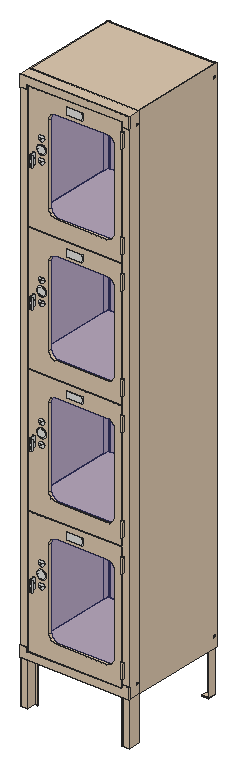
Revit family "Metal_See_Through_Lockers-Salsbury_Industries-S_54000_Series-1_Wide_Units", category Specialty Equipment, Revit 2016
Family settings
  Part Type = Normal
  Round Connector Dimension = Use Diameter
  OmniClass Number = 23.40.00.00
  OmniClass Title = Equipment and Furnishings
  Work Plane-Based = No
  Always vertical = Yes
  Cut with Voids When Loaded = No
  Shared = No
  Room Calculation Point = No
Parameters (values of type "S-54165 - with Standard 6" High Legs")
  Zee Base Corner - Right Side [instance] = Metal Locker Zee Base Corner : None
  Zee Base Corner - Left Side [instance] = Metal Locker Zee Base Corner : None
  Zee Base - Right Side [instance] = Metal Locker Zee Base-Right Side : None
  Zee Base - Left Side [instance] = Metal Locker Zee Base-Left Side : None
  Zee Base = Metal Locker Zee Base : None
  Window Panel Material = Polycarbonate - Salsbury Finish - Clear
  Width = 15.040"
  Version = "2.0 (03/30/18)"
  Unit Height including Sloping Hood Only [instance] = 80.682"
  Unit Height = 72.000"
  URL = "www.lockers.com"
  Type Comments = "15\" Wide See-Through Metal Locker - Four Tier"
  Total Door(s) Height [instance] = 69.81949"
  Sloping Top In-Line Filler - Right Side [instance] = Metal Locker Sloping Top Filler : None
  Sloping Top In-Line Filler - Left Side [instance] = Metal Locker Sloping Top Filler : None
  Sloping Top Corner Filler - Right Side [instance] = Metal Locker Sloping Corner Filler : None
  Sloping Top Corner Filler - Left Side [instance] = Metal Locker Sloping Corner Filler : None
  Sloping Hood Height = if(Depth = 15.010", 8.682", if(Depth = 18.010", 10.739", 0.000"))  # 8.682"
  Sloping Hood [instance] = Metal Locker Sloping Hood : None
  Right Side Base [instance] = Metal Locker Right Side Base : None
  Primary Structure Material [instance] = Paint - Salsbury Finish - Tan
  Overall Width including Rivets [instance] = 15.120"
  Unit Height including Base Only [instance] = 78.000"
  Overall Unit Height (including Base and Sloping Hood) [instance] = 86.682"
  OmniClass 23 Title = "Equipment and Furnishings"
  OmniClass 23 Number = "23.40.00.00"
  Model = "S-54165"
  MasterFormat Title = "Lockers"
  MasterFormat Number = "10 51 13"
  Manufacturer = "Salsbury Industries"
  Left Side Base [instance] = Metal Locker Left Side Base : None
  Individual Door Height = 17.360"
  Hasp Plate Rivet Material = Steel -Salsbury Finish - Polished Steel
  Hasp Handle Material = Plastic - Salsbury Finish - Black
  Front Vertical Filler - Right [instance] = Metal Locker Front Filler : None
  Front Vertical Filler - Left [instance] = Metal Locker Front Filler : None
  Front Base [instance] = Metal Locker Front Base : None
  Flat Top In-Line Filler - Right Side [instance] = Metal Locker Flat Top Filler : None
  Flat Top In-Line Filler - Left Side [instance] = Metal Locker Flat Top Filler : None
  Flat Top Corner Filler - Right Side [instance] = Metal Locker Flat Corner Filler : None
  Flat Top Corner Filler - Left Side [instance] = Metal Locker Flat Corner Filler : None
  Individual Door Width [instance] = 12.90055"
  End Panel - Right Side [instance] = Metal Locker End Panel : None
  End Panel - Left Side [instance] = Metal Locker End Panel : None
  Door Location D1 = See-Through Metal Locker Doors-15 inch with Latch Hasps : Four Tier Door - 6 foot
  Description = "1 Wide - 6 Feet High - 15 Inches Deep"
  Depth = 15.010"
  Compartment Divider Height = Individual Door Height - 0.375"  # 16.985"
  Base Height = 6.000"
  Standard Leg Base = Metal Locker Legs : 6" High - 15"W x 15"D
  Assembly Code = "C1030310"
Reference planes (in)
  plane 1 "Center (Front/Back)": y = 0
  plane 2: z = 0
  plane 3 "Center (Left/Right)": x = 0
  plane 4 "Floor": z = 0
  plane 5 "Bottom of Unit": z = 6
  plane 6 "Top of Unit": z = 78
  plane 7 "Left Side of Unit": x = -7.52
  plane 8 "Right Side of Unit": x = 7.52
  plane 9 "Back of Unit": y = 7.505
  plane 10 "Front of Unit": y = -7.505
  plane 11 "Top of Sloping Hood": z = 86.682
  plane 12 "Left Rivet": x = -7.56
  plane 13 "Right Rivet": x = 7.56
  plane 14 "Right Side of Door Opening": x = 6.52
  plane 15 "Left Side of Door Opening": x = -6.52
  plane 16 "Top of Door Opening": z = 77
  plane 17 "Bottom of Door Opening": z = 7
  plane 18 "Back Edge of Front Facing": y = -5.917
  plane 19 "Front Plate Plane": y = -7.565
  plane 20 "Horizontal Center of Top Rivets": z = 76.5
  plane 21 "Horiz Center of Bottom Rivets": z = 7.5
  plane 22 "Vertical Center of Back Rivets": y = 7.005
  plane 23 "Vertical Center of Front Rivets": y = -6.255
  plane 24 "Right Align Top Filler Overlap": x = 6.935
  plane 25 "Left Align Top Filler Overlap": x = -6.935
  plane 26 "Corner Filler Align-Left": x = -7.58
  plane 27 "Corner Filler Align-Right": x = 7.58
  plane 28 "Left Side of Door": x = -6.45029
  plane 29 "Right Side of Door": x = 6.45026
  plane 30 "Top of Door 1": z = 76.90976
  plane 31 "Bottom of Bottom Door": z = 7.09027
  plane 32 "Zee Base Offset": x = -7.169
  plane 33: x = 7.169
  plane 34 "Compartment Align 3": z = 24.985
  plane 35: x = -7.46
  plane 36: x = 7.46
  plane 37: x = -7.135
  plane 38: x = 7.135
  plane 39: y = 7.445
  plane 40: y = 7.395
  plane 41: y = 6.645
  plane 42: x = -7.4
  plane 43: x = 7.4
  plane 44: x = -6.595
  plane 45: x = 6.595
  plane 46: z = 77.94
  plane 47: z = 24.925
  plane 48: z = 23.985
  plane 49: z = 6.9204
  plane 50: z = 6.18539
  plane 51: z = 76.40796
  plane 52: z = 7.59204
  plane 53: z = 23.985
  plane 54: z = 24.45027
  plane 55: z = 24.57576
  plane 56: z = 41.93576
  plane 57: z = 42.06276
  plane 58: z = 41.43527
  plane 59: z = 42.37527
  plane 60 "Compartment Align 2": z = 42.43527
  plane 61: z = 53.72076
  plane 62: z = 59.42276
  plane 63: z = 59.54976
  plane 64: z = 58.92076
  plane 65: z = 59.86076
  plane 66 "Compartment Align 1": z = 59.92076
  plane 67: z = 71.20625
Forms (in)
  Sweep 1, solid, material "Paint - Salsbury Finish - Tan" <- "Primary Structure Material"
    path origin (0, -7.505, 0) x (1, 0, 0) y (0, 0, 1)
      loop
        line (-7.52, 78) -> (-7.52, 6) -> (7.52, 6) -> (7.52, 78) -> (-7.52, 78)
    profile origin (0, -7.505, 78) x (0, 0, 1) y (0, -1, 0)
      loop
        line (0, 0) -> (-1, 0) -> (-1, -1.588) -> (0, -1.588) -> (0, 0)
  Extrusion 2, solid, material "Paint - Salsbury Finish - Tan" <- "Primary Structure Material"
    sketch origin (0, 0, 6) x (0, -1, 0) y (1, 0, 0)
      loop
        line (5.917, 7.52) -> (-7.505, 7.52) -> (-7.505, 7.135) -> (-7.445, 7.135) -> (-7.445, 7.46) -> (5.917, 7.46) -> (5.917, 7.52)
    from 0 to 72
  Extrusion 3, solid, material "Paint - Salsbury Finish - Tan" <- "Primary Structure Material"
    sketch origin (0, 0, 6) x (0, -1, 0) y (1, 0, 0)
      loop
        line (5.917, -7.52) -> (5.917, -7.46) -> (-7.445, -7.46) -> (-7.445, -7.135) -> (-7.505, -7.135) -> (-7.505, -7.52) -> (5.917, -7.52)
    from 0 to 72
  Extrusion 4, solid, material "Paint - Salsbury Finish - Tan" <- "Primary Structure Material"
    sketch origin (0, 0, 6) x (0, -1, 0) y (1, 0, 0)
      loop
        line (-7.445, -7.46) -> (-6.645, -7.46) -> (-6.645, -7.4) -> (-7.395, -7.4) -> (-7.395, 7.4) -> (-6.645, 7.4) -> (-6.645, 7.46) -> (-7.445, 7.46) -> (-7.445, -7.46)
    from 0 to 72
  Sweep 5, solid, material "Paint - Salsbury Finish - Tan" <- "Primary Structure Material"
    path origin (0, 0, 7) x (0, -1, 0) y (1, 0, 0)
      loop
        line (5.917, -7.46) -> (5.917, 7.46) -> (-6.645, 7.46) -> (-6.645, 7.4) -> (-7.395, 7.4) -> (-7.395, -7.4) -> (-6.645, -7.4) -> (-6.645, -7.46) -> (5.917, -7.46)
    profile origin (-7.46, 0.364, 7) x (-1, 0, 0) y (0, 0, 1)
      loop
        line (0, -0.81461) -> (0, -0.0796) -> (-0.06, -0.0796) -> (-0.06, -0.81461) -> (0, -0.81461)
  Extrusion 6, solid, material "Paint - Salsbury Finish - Tan" <- "Primary Structure Material"
    sketch origin (0, 0, 7) x (0, -1, 0) y (1, 0, 0)
      loop
        line (-7.395, -7.4) -> (-6.645, -7.4) -> (-6.645, -7.46) -> (5.917, -7.46) -> (5.917, 7.46) -> (-6.645, 7.46) -> (-6.645, 7.4) -> (-7.395, 7.4) -> (-7.395, -7.4)
    from -0.0796 to 0
  Extrusion 7, solid, material "Paint - Salsbury Finish - Tan" <- "Primary Structure Material"
    sketch origin (0, 0, 78) x (0, -1, 0) y (1, 0, 0)
      loop
        line (-7.395, -7.4) -> (-6.645, -7.4) -> (-6.645, -7.46) -> (5.917, -7.46) -> (5.917, 7.46) -> (-6.645, 7.46) -> (-6.645, 7.4) -> (-7.395, 7.4) -> (-7.395, -7.4)
    from -0.06 to 0
  Extrusion 8, solid, material "Paint - Salsbury Finish - Tan" <- "Primary Structure Material"
    sketch origin (0, -7.565, 0) x (0, 0, -1) y (1, 0, 0)
      loop
        line (-78, -7.52) -> (-76.47656, -7.52)
        arc (-76.47656, -7.52) -> (-76.42806, -7.49991) -> (-76.40796, -7.4514) r 0.0686
        line (-76.40796, -7.4514) -> (-76.40796, -6.66351)
        arc (-76.40796, -6.66351) -> (-76.42809, -6.61506) -> (-76.47656, -6.595) r 0.0686
        line (-76.47656, -6.595) -> (-77, -6.595) -> (-77, 6.595) -> (-76.47656, 6.595)
        arc (-76.47656, 6.595) -> (-76.42809, 6.61506) -> (-76.40796, 6.66351) r 0.0686
        line (-76.40796, 6.66351) -> (-76.40796, 7.4514)
        arc (-76.40796, 7.4514) -> (-76.42806, 7.49991) -> (-76.47656, 7.52) r 0.0686
        line (-76.47656, 7.52) -> (-78, 7.52) -> (-78, -7.52)
    from -0.06 to 0
  Extrusion 9, solid, material "Paint - Salsbury Finish - Tan" <- "Primary Structure Material"
    sketch origin (0, -7.565, 84) x (0, 0, 1) y (-1, 0, 0)
      loop
        line (-78, 7.52) -> (-78, -7.52) -> (-76.47656, -7.52)
        arc (-76.47656, -7.52) -> (-76.42806, -7.49991) -> (-76.40796, -7.4514) r 0.0686
        line (-76.40796, -7.4514) -> (-76.40796, -6.66351)
        arc (-76.40796, -6.66351) -> (-76.42809, -6.61506) -> (-76.47656, -6.595) r 0.0686
        line (-76.47656, -6.595) -> (-77, -6.595) -> (-77, 6.595) -> (-76.47656, 6.595)
        arc (-76.47656, 6.595) -> (-76.42809, 6.61506) -> (-76.40796, 6.66351) r 0.0686
        line (-76.40796, 6.66351) -> (-76.40796, 7.4514)
        arc (-76.40796, 7.4514) -> (-76.42806, 7.49991) -> (-76.47656, 7.52) r 0.0686
        line (-76.47656, 7.52) -> (-78, 7.52)
    from -0.06 to 0
  Blend 10, solid, material "Steel -Salsbury Finish - Polished Steel" <- "Hasp Plate Rivet Material"
    base sketch origin (7.52, 0, 0) x (0, 0, -1) y (0, -1, 0)
      loop
        circle (-76.5, 6.255) r 0.187
    top sketch origin (7.52, 0, 0) x (0, 0, -1) y (0, -1, 0)
      loop
        circle (-76.5, 6.255) r 0.05319
    from 0 to -0.04
  Blend 11, solid, material "Steel -Salsbury Finish - Polished Steel" <- "Hasp Plate Rivet Material"
    base sketch origin (7.52, 0, -69) x (0, 0, -1) y (0, -1, 0)
      loop
        circle (-76.5, 6.255) r 0.187
    top sketch origin (7.52, 0, -69) x (0, 0, -1) y (0, -1, 0)
      loop
        circle (-76.5, 6.255) r 0.05319
    from 0 to -0.04
  Blend 12, solid, material "Steel -Salsbury Finish - Polished Steel" <- "Hasp Plate Rivet Material"
    base sketch origin (7.52, 10.26, -69) x (0, 0, -1) y (0, -1, 0)
      loop
        circle (-76.5, 3.255) r 0.187
    top sketch origin (7.52, 10.26, -69) x (0, 0, -1) y (0, -1, 0)
      loop
        circle (-76.5, 3.255) r 0.05319
    from 0 to -0.04
  Blend 13, solid, material "Steel -Salsbury Finish - Polished Steel" <- "Hasp Plate Rivet Material"
    base sketch origin (7.52, 10.26, 0.0043) x (0, 0, -1) y (0, -1, 0)
      loop
        circle (-76.5, 3.255) r 0.187
    top sketch origin (7.52, 10.26, 0.0043) x (0, 0, -1) y (0, -1, 0)
      loop
        circle (-76.5, 3.255) r 0.05319
    from 0 to -0.04
  Blend 14, solid, material "Steel -Salsbury Finish - Polished Steel" <- "Hasp Plate Rivet Material"
    base sketch origin (-6.02, 0, -69) x (0, 0, -1) y (0, 1, 0)
      loop
        circle (-76.5, -6.255) r 0.187
    top sketch origin (-6.02, 0, -69) x (0, 0, -1) y (0, 1, 0)
      loop
        circle (-76.5, -6.255) r 0.05319
    from -1.5 to -1.54
  Blend 15, solid, material "Steel -Salsbury Finish - Polished Steel" <- "Hasp Plate Rivet Material"
    base sketch origin (-6.02, 10.26, -69) x (0, 0, -1) y (0, 1, 0)
      loop
        circle (-76.5, -3.255) r 0.187
    top sketch origin (-6.02, 10.26, -69) x (0, 0, -1) y (0, 1, 0)
      loop
        circle (-76.5, -3.255) r 0.05319
    from -1.5 to -1.54
  Blend 16, solid, material "Steel -Salsbury Finish - Polished Steel" <- "Hasp Plate Rivet Material"
    base sketch origin (-6.02, 0, 0) x (0, 0, -1) y (0, 1, 0)
      loop
        circle (-76.5, -6.255) r 0.187
    top sketch origin (-6.02, 0, 0) x (0, 0, -1) y (0, 1, 0)
      loop
        circle (-76.5, -6.255) r 0.05319
    from -1.5 to -1.54
  Blend 17, solid, material "Steel -Salsbury Finish - Polished Steel" <- "Hasp Plate Rivet Material"
    base sketch origin (-6.02, 10.26, 0.00039) x (0, 0, -1) y (0, 1, 0)
      loop
        circle (-76.5, -3.255) r 0.187
    top sketch origin (-6.02, 10.26, 0.00039) x (0, 0, -1) y (0, 1, 0)
      loop
        circle (-76.5, -3.255) r 0.05319
    from -1.5 to -1.54
  Extrusion 18, solid, material "Paint - Salsbury Finish - Tan" <- "Primary Structure Material"
    sketch origin (0, 0, 24.985) x (0, -1, 0) y (1, 0, 0)
      loop
        line (-7.395, -7.4) -> (-6.645, -7.4) -> (-6.645, -7.46) -> (5.917, -7.46) -> (5.917, 7.46) -> (-6.645, 7.46) -> (-6.645, 7.4) -> (-7.395, 7.4) -> (-7.395, -7.4)
    from -0.06 to 0
  Sweep 19, solid, material "Paint - Salsbury Finish - Tan" <- "Primary Structure Material"
    path origin (0, 0, 24.985) x (0, -1, 0) y (1, 0, 0)
      loop
        line (5.917, -7.46) -> (5.917, 7.46) -> (-6.645, 7.46) -> (-6.645, 7.4) -> (-7.395, 7.4) -> (-7.395, -7.4) -> (-6.645, -7.4) -> (-6.645, -7.46) -> (5.917, -7.46)
    profile origin (-7.46, 0.364, 24.985) x (-1, 0, 0) y (0, 0, 1)
      loop
        line (0, -1) -> (0, -0.06) -> (-0.06, -0.06) -> (-0.06, -1) -> (0, -1)
  Extrusion 20, solid, material "Paint - Salsbury Finish - Tan" <- "Primary Structure Material"
    sketch origin (0, 0, 54.72076) x (0, -1, 0) y (1, 0, 0)
      loop
        line (-7.395, -7.4) -> (-6.645, -7.4) -> (-6.645, -7.46) -> (5.917, -7.46) -> (5.917, 7.46) -> (-6.645, 7.46) -> (-6.645, 7.4) -> (-7.395, 7.4) -> (-7.395, -7.4)
    from -12.34549 to -12.28549
  Sweep 21, solid, material "Paint - Salsbury Finish - Tan" <- "Primary Structure Material"
    path origin (0, 0, 42.43527) x (0, -1, 0) y (1, 0, 0)
      loop
        line (5.917, -7.46) -> (5.917, 7.46) -> (-6.645, 7.46) -> (-6.645, 7.4) -> (-7.395, 7.4) -> (-7.395, -7.4) -> (-6.645, -7.4) -> (-6.645, -7.46) -> (5.917, -7.46)
    profile origin (-7.46, 0.364, 42.43527) x (-1, 0, 0) y (0, 0, 1)
      loop
        line (0, -1) -> (0, -0.06) -> (-0.06, -0.06) -> (-0.06, -1) -> (0, -1)
  Extrusion 22, solid, material "Paint - Salsbury Finish - Tan" <- "Primary Structure Material"
    sketch origin (0, 0, 59.92076) x (0, -1, 0) y (1, 0, 0)
      loop
        line (-7.395, -7.4) -> (-6.645, -7.4) -> (-6.645, -7.46) -> (5.917, -7.46) -> (5.917, 7.46) -> (-6.645, 7.46) -> (-6.645, 7.4) -> (-7.395, 7.4) -> (-7.395, -7.4)
    from -0.06 to 0
  Sweep 23, solid, material "Paint - Salsbury Finish - Tan" <- "Primary Structure Material"
    path origin (0, 0, 59.92076) x (0, -1, 0) y (1, 0, 0)
      loop
        line (5.917, -7.46) -> (5.917, 7.46) -> (-6.645, 7.46) -> (-6.645, 7.4) -> (-7.395, 7.4) -> (-7.395, -7.4) -> (-6.645, -7.4) -> (-6.645, -7.46) -> (5.917, -7.46)
    profile origin (-7.46, 0.364, 59.92076) x (-1, 0, 0) y (0, 0, 1)
      loop
        line (0, -1) -> (0, -0.06) -> (-0.06, -0.06) -> (-0.06, -1) -> (0, -1)
Lines and regions (in)
  reference lines
    curve 1: line (-31.09242, -7.565, 78) -> (37.65758, -7.565, 78)
  symbolic lines
    curve 2: line (-7.52, 7.505, 78) -> (7.52, 7.505, 78)
    curve 3: line (-7.52, -7.565, 78) -> (-7.52, 7.505, 78)
    curve 4: line (7.52, -7.565, 78) -> (-7.52, -7.565, 78)
    curve 5: line (7.52, 7.505, 78) -> (7.52, -7.565, 78)
    curve 6: line (-7.56, -6.30819, 78) -> (-7.52, -6.442, 78)
    curve 7: line (-7.52, -6.068, 78) -> (-7.56, -6.20181, 78)
    curve 8: line (-7.56, -6.30819, 78) -> (-7.56, -6.20181, 78)
    curve 9: line (-7.56, 6.95181, 78) -> (-7.52, 6.81077, 78)
    curve 10: line (-7.56, 7.05819, 78) -> (-7.52, 7.18474, 78)
    curve 11: line (-7.56, 7.05819, 78) -> (-7.56, 6.95181, 78)
    curve 12: line (7.56, 7.05819, 78) -> (7.52, 7.20747, 78)
    curve 13: line (7.56, 6.95181, 78) -> (7.52, 6.8179, 78)
    curve 14: line (7.56, 7.05819, 78) -> (7.56, 6.95181, 78)
    curve 15: line (7.56, -6.20181, 78) -> (7.52, -6.07098, 78)
    curve 16: line (7.56, -6.30819, 78) -> (7.52, -6.44769, 78)
    curve 17: line (7.56, -6.20181, 78) -> (7.56, -6.30819, 78)
Dimensions and locks (in)
  equal spacing: plane 7 "Left Side of Unit", plane 3 "Center (Left/Right)", plane 8 "Right Side of Unit"
  "Width": plane 7 "Left Side of Unit" to plane 8 "Right Side of Unit"
  "Base Height": plane 5 "Bottom of Unit" to plane 4 "Floor"
  "Unit Height": plane 6 "Top of Unit" to plane 5 "Bottom of Unit"
  "Unit Height including Base Only": plane 6 "Top of Unit" to plane 4 "Floor"
  equal spacing: plane 10 "Front of Unit", plane 1 "Center (Front/Back)", plane 9 "Back of Unit"
  "Depth": plane 10 "Front of Unit" to plane 9 "Back of Unit"
  "Sloping Hood Height": plane 11 "Top of Sloping Hood" to plane 6 "Top of Unit"
  "Overall Unit Height (including Base and Sloping Hood)": plane 11 "Top of Sloping Hood" to plane 4 "Floor"
  locked: plane 12 "Left Rivet" to plane 7 "Left Side of Unit" at 0.04
  locked: plane 8 "Right Side of Unit" to plane 13 "Right Rivet" at 0.04
  "Overall Width including Rivets": plane 12 "Left Rivet" to plane 13 "Right Rivet"
  plane 6 "Top of Unit" to plane 16 "Top of Door Opening" to plane 30 "Top of Door 1" to plane 51 = 1.000" locked, 0.09024", 0.5018"
  plane 52 to plane 31 "Bottom of Bottom Door" to plane 17 "Bottom of Door Opening" to plane 5 "Bottom of Unit" = 0.50177", 0.09027", 1.000" locked
  plane 7 "Left Side of Unit" to plane 15 "Left Side of Door Opening" to plane 28 "Left Side of Door" = 1.000" locked, 0.06971"
  plane 29 "Right Side of Door" to plane 14 "Right Side of Door Opening" to plane 8 "Right Side of Unit" = 0.06974", 1.000" locked
  plane 19 "Front Plate Plane" to plane 10 "Front of Unit" to plane 18 "Back Edge of Front Facing" = 0.060" locked, 1.588" locked
  "Unit Height including Sloping Hood Only": plane 11 "Top of Sloping Hood" to plane 5 "Bottom of Unit"
  locked: plane 20 "Horizontal Center of Top Rivets" to plane 6 "Top of Unit" at 1.5
  locked: plane 5 "Bottom of Unit" to plane 21 "Horiz Center of Bottom Rivets" at 1.5
  locked: plane 22 "Vertical Center of Back Rivets" to plane 9 "Back of Unit" at 0.5
  locked: plane 10 "Front of Unit" to plane 23 "Vertical Center of Front Rivets" at 1.25
  locked: plane 24 "Right Align Top Filler Overlap" to plane 13 "Right Rivet" at 0.625
  locked: plane 12 "Left Rivet" to plane 25 "Left Align Top Filler Overlap" at 0.625
  locked: plane 8 "Right Side of Unit" to plane 27 "Corner Filler Align-Right" at 0.06
  locked: plane 26 "Corner Filler Align-Left" to plane 7 "Left Side of Unit" at 0.06
  "Individual Door Width": plane 28 "Left Side of Door" to plane 29 "Right Side of Door"
  "Total Door(s) Height": plane 30 "Top of Door 1" to plane 31 "Bottom of Bottom Door"
  plane 7 "Left Side of Unit" to plane 32 "Zee Base Offset" = 0.351"
  plane 33 to plane 8 "Right Side of Unit" = 0.351"
  plane 34 "Compartment Align 3" to plane 47 to plane 53 = 0.060" locked, 0.940" locked
  plane 7 "Left Side of Unit" to plane 35 to plane 42 to plane 37 = 0.060" locked, 0.060" locked, 0.265" locked
  plane 38 to plane 43 to plane 36 to plane 8 "Right Side of Unit" = 0.265" locked, 0.060", 0.060"
  plane 41 to plane 40 to plane 39 to plane 9 "Back of Unit" = 0.750" locked, 0.050", 0.060"
  locked: plane 7 "Left Side of Unit" to plane 44 at 0.925
  locked: plane 45 to plane 8 "Right Side of Unit" at 0.925
  locked: plane 6 "Top of Unit" to plane 46 at 0.06
  plane 47 to plane 48 = 0.940"
  locked: plane 17 "Bottom of Door Opening" to plane 49 at 0.0796
  plane 49 to plane 50 = 0.73501"
  "Compartment Divider Height": plane 53 to plane 17 "Bottom of Door Opening"
  "Individual Door Height": plane 54 to plane 31 "Bottom of Bottom Door"
  locked: plane 55 to plane 54 at 0.12549
  locked: plane 57 to plane 56 at 0.127
  "Individual Door Height": plane 56 to plane 55
  plane 60 "Compartment Align 2" to plane 59 to plane 58 = 0.060" locked, 0.940" locked
  locked: plane 63 to plane 62 at 0.127
  "Individual Door Height": plane 62 to plane 57
  "Compartment Divider Height": plane 58 to plane 54
  "Compartment Divider Height": plane 64 to plane 56
  plane 66 "Compartment Align 1" to plane 65 to plane 64 = 0.060", 0.940"
  aligned and locked: level to plane 2
  aligned and locked: Extrusion 2 to plane 6 "Top of Unit"
  aligned and locked: Extrusion 3 to plane 6 "Top of Unit"
  aligned and locked: Extrusion 4 to plane 6 "Top of Unit"
  aligned and locked: Extrusion 8 to plane 10 "Front of Unit"
  aligned and locked: Extrusion 9 to plane 10 "Front of Unit"
  aligned and locked: Extrusion 6 to plane 17 "Bottom of Door Opening"
  aligned and locked: plane 4 "Floor" to nested 2
  aligned and locked: plane 5 "Bottom of Unit" to Extrusion 9
  aligned and locked: plane 8 "Right Side of Unit" to nested 6
  aligned and locked: plane 7 "Left Side of Unit" to nested 7
  aligned and locked: Blend 10 to plane 13 "Right Rivet"
  aligned and locked: plane 8 "Right Side of Unit" to Blend 10
  aligned and locked: Blend 15 to plane 7 "Left Side of Unit"
  aligned and locked: Blend 14 to plane 7 "Left Side of Unit"  (x2)
  aligned and locked: plane 12 "Left Rivet" to Blend 14
  aligned and locked: plane 12 "Left Rivet" to Blend 15
  aligned and locked: Blend 14 to plane 12 "Left Rivet"
  aligned and locked: Blend 17 to plane 7 "Left Side of Unit"
  aligned and locked: plane 12 "Left Rivet" to Blend 17
  aligned and locked: Blend 16 to plane 7 "Left Side of Unit"
  aligned and locked: plane 12 "Left Rivet" to Blend 16
  aligned and locked: plane 5 "Bottom of Unit" to nested 10
  aligned and locked: plane 13 "Right Rivet" to nested 10
  aligned and locked: plane 12 "Left Rivet" to nested 11
  aligned and locked: nested 11 to plane 10 "Front of Unit"
  aligned and locked: plane 13 "Right Rivet" to nested 12
  aligned and locked: plane 10 "Front of Unit" to nested 12
  aligned and locked: plane 6 "Top of Unit" to nested 12
  aligned and locked: plane 12 "Left Rivet" to nested 13
  aligned and locked: plane 10 "Front of Unit" to nested 13
  aligned and locked: plane 6 "Top of Unit" to nested 13
  aligned and locked: plane 6 "Top of Unit" to nested 14
  aligned and locked: nested 14 to plane 19 "Front Plate Plane"
  aligned and locked: nested 14 to plane 24 "Right Align Top Filler Overlap"
  aligned and locked: nested 15 to plane 25 "Left Align Top Filler Overlap"
  aligned and locked: nested 15 to plane 19 "Front Plate Plane"
  aligned and locked: nested 10 to nested 15
  aligned and locked: plane 19 "Front Plate Plane" to nested 16
  aligned and locked: plane 6 "Top of Unit" to nested 16
  aligned and locked: nested 17 to plane 6 "Top of Unit"
  aligned and locked: nested 17 to plane 19 "Front Plate Plane"
  aligned and locked: plane 19 "Front Plate Plane" to nested 18
  aligned and locked: nested 19 to plane 24 "Right Align Top Filler Overlap"
  aligned and locked: nested 19 to plane 19 "Front Plate Plane"
  aligned and locked: plane 16 "Top of Door Opening" to nested 19
  aligned and locked: nested 20 to plane 16 "Top of Door Opening"
  aligned and locked: nested 20 to plane 25 "Left Align Top Filler Overlap"
  aligned and locked: nested 20 to plane 19 "Front Plate Plane"
  aligned and locked: nested 11 to plane 6 "Top of Unit"
  aligned and locked: plane 10 "Front of Unit" to nested 10
  aligned and locked: plane 10 "Front of Unit" to nested 23
  aligned and locked: plane 10 "Front of Unit" to nested 1
  aligned and locked: plane 10 "Front of Unit" to nested 2
  aligned and locked: plane 6 "Top of Unit" to nested 18
  aligned and locked: plane 7 "Left Side of Unit" to nested 17
  aligned and locked: plane 32 "Zee Base Offset" to nested 9
  aligned and locked: plane 18 "Back Edge of Front Facing" to nested 9
  aligned and locked: nested 8 to plane 18 "Back Edge of Front Facing"
  aligned and locked: plane 33 to nested 8
  aligned and locked: nested 22 to curve 1
  aligned and locked: nested 21 to curve 1
  aligned and locked: Sweep 19 sketch curve to Extrusion 18
  aligned and locked: plane 7 "Left Side of Unit" to Extrusion 3
  aligned and locked: Extrusion 3 to plane 9 "Back of Unit"
  aligned and locked: Extrusion 2 to plane 8 "Right Side of Unit"
  aligned and locked: Extrusion 2 to plane 9 "Back of Unit"
  aligned and locked: plane 18 "Back Edge of Front Facing" to Extrusion 3
  aligned and locked: plane 18 "Back Edge of Front Facing" to Extrusion 2
  aligned and locked: plane 35 to Extrusion 3
  aligned and locked: Extrusion 2 to plane 36
  aligned and locked: plane 37 to Extrusion 3
  aligned and locked: plane 38 to Extrusion 2
  aligned and locked: Extrusion 3 to plane 39
  aligned and locked: plane 39 to Extrusion 2
  aligned and locked: Extrusion 4 to plane 39
  aligned and locked: Extrusion 4 to plane 40
  aligned and locked: Extrusion 4 to plane 35
  aligned and locked: Extrusion 4 to plane 41
  aligned and locked: plane 41 to Extrusion 4
  aligned and locked: plane 42 to Extrusion 4
  aligned and locked: plane 43 to Extrusion 4
  aligned and locked: Extrusion 7 to plane 40
  aligned and locked: plane 42 to Extrusion 7
  aligned and locked: plane 35 to Extrusion 7  (x2)
  aligned and locked: plane 41 to Extrusion 7
  aligned and locked: Extrusion 7 to plane 43
  aligned and locked: Extrusion 7 to plane 41
  aligned and locked: Extrusion 7 to plane 36  (x2)
  aligned and locked: plane 18 "Back Edge of Front Facing" to Extrusion 7
  aligned and locked: plane 18 "Back Edge of Front Facing" to Extrusion 6
  aligned and locked: Extrusion 6 to plane 40
  aligned and locked: Extrusion 6 to plane 43
  aligned and locked: Extrusion 6 to plane 41
  aligned and locked: Extrusion 6 to plane 36
  aligned and locked: plane 42 to Extrusion 6
  aligned and locked: plane 41 to Extrusion 6
  aligned and locked: plane 35 to Extrusion 6
  aligned and locked: Sweep 5 to plane 40
  aligned and locked: Sweep 5 to plane 41
  aligned and locked: Sweep 5 to plane 43
  aligned and locked: Sweep 5 to plane 36
  aligned and locked: plane 18 "Back Edge of Front Facing" to Sweep 5
  aligned and locked: plane 35 to Sweep 5
  aligned and locked: plane 41 to Sweep 5
  aligned and locked: plane 42 to Sweep 5
  aligned and locked: Sweep 5 sketch curve to plane 42
  aligned and locked: Sweep 5 sketch curve to plane 40
  aligned and locked: Sweep 5 sketch curve to plane 41
  aligned and locked: Sweep 5 sketch curve to plane 35  (x2)
  aligned and locked: plane 43 to Sweep 5 sketch curve
  aligned and locked: plane 41 to Sweep 5 sketch curve
  aligned and locked: plane 36 to Sweep 5 sketch curve
  aligned and locked: Sweep 5 sketch curve to plane 18 "Back Edge of Front Facing"
  aligned and locked: Extrusion 18 to plane 40
  aligned and locked: Extrusion 18 to plane 43
  aligned and locked: Extrusion 18 to plane 41
  aligned and locked: Extrusion 18 to plane 36
  aligned and locked: plane 18 "Back Edge of Front Facing" to Extrusion 18
  aligned and locked: plane 35 to Extrusion 18
  aligned and locked: plane 41 to Extrusion 18
  aligned and locked: plane 42 to Extrusion 18
  aligned and locked: Sweep 19 sketch curve to plane 40
  aligned and locked: plane 43 to Sweep 19 sketch curve
  aligned and locked: plane 41 to Sweep 19 sketch curve
  aligned and locked: plane 36 to Sweep 19 sketch curve
  aligned and locked: Sweep 19 sketch curve to plane 18 "Back Edge of Front Facing"
  aligned and locked: Sweep 19 sketch curve to plane 35  (x2)
  aligned and locked: Sweep 19 sketch curve to plane 41
  aligned and locked: Sweep 19 sketch curve to plane 42
  aligned and locked: plane 6 "Top of Unit" to Sweep 1 sketch curve  (x2)
  aligned and locked: Sweep 1 sketch curve to plane 7 "Left Side of Unit"
  aligned and locked: plane 8 "Right Side of Unit" to Sweep 1 sketch curve
  aligned and locked: Sweep 1 sketch curve to plane 5 "Bottom of Unit"
  aligned and locked: plane 10 "Front of Unit" to Sweep 1
  aligned and locked: Extrusion 8 to plane 19 "Front Plate Plane"
  aligned and locked: plane 10 "Front of Unit" to Extrusion 8
  aligned and locked: Extrusion 8 to plane 8 "Right Side of Unit"
  aligned and locked: plane 7 "Left Side of Unit" to Extrusion 8
  aligned and locked: plane 7 "Left Side of Unit" to Extrusion 9
  aligned and locked: plane 19 "Front Plate Plane" to Extrusion 9
  aligned and locked: Extrusion 9 to plane 8 "Right Side of Unit"
  aligned and locked: plane 44 to Extrusion 9
  aligned and locked: plane 45 to Extrusion 9
  aligned and locked: plane 45 to Extrusion 8
  aligned and locked: Extrusion 8 to plane 44
  aligned and locked: plane 29 "Right Side of Door" to nested 23
  aligned and locked: plane 18 "Back Edge of Front Facing" to Sweep 1 sketch curve
  aligned and locked: Sweep 1 sketch curve to plane 16 "Top of Door Opening"
  aligned and locked: Sweep 1 sketch curve to plane 10 "Front of Unit"
  aligned and locked: plane 5 "Bottom of Unit" to Extrusion 4
  aligned and locked: Extrusion 4 to plane 36
  aligned and locked: plane 5 "Bottom of Unit" to Extrusion 3
  aligned and locked: plane 5 "Bottom of Unit" to Extrusion 2
  aligned and locked: Extrusion 7 to plane 6 "Top of Unit"
  aligned and locked: plane 46 to Extrusion 7
  aligned and locked: Extrusion 18 to plane 34 "Compartment Align 3"
  aligned and locked: plane 47 to Extrusion 18
  aligned and locked: plane 42 to Sweep 19 sketch curve
  aligned and locked: plane 48 to Sweep 19 sketch curve
  aligned and locked: plane 49 to Extrusion 6
  aligned and locked: Sweep 5 to plane 49
  aligned and locked: plane 50 to Sweep 5 sketch curve
  aligned and locked: plane 49 to Sweep 5 sketch curve
  aligned and locked: plane 42 to Sweep 5 sketch curve
  aligned and locked: plane 51 to Extrusion 8  (x2)
  aligned and locked: Extrusion 8 to plane 6 "Top of Unit"
  aligned and locked: plane 16 "Top of Door Opening" to Extrusion 8
  aligned and locked: Extrusion 9 to plane 17 "Bottom of Door Opening"
  aligned and locked: plane 52 to Extrusion 9
  aligned and locked: Extrusion 9 to plane 52
  aligned and locked: plane 4 "Floor" to nested 1
  aligned and locked: plane 8 "Right Side of Unit" to nested 1
  aligned and locked: Blend 12 to plane 13 "Right Rivet"
  aligned and locked: plane 8 "Right Side of Unit" to Blend 12
  aligned and locked: plane 8 "Right Side of Unit" to Blend 13
  aligned and locked: Blend 13 to plane 13 "Right Rivet"
  aligned and locked: plane 8 "Right Side of Unit" to Blend 11
  aligned and locked: Blend 11 to plane 13 "Right Rivet"
  aligned and locked: curve 3 to nested 22
  aligned and locked: curve 4 to Extrusion 8
  aligned and locked: curve 5 to Extrusion 8
  aligned and locked: curve 8 to Blend 14
  aligned and locked: curve 11 to Blend 15
  aligned and locked: curve 14 to Blend 12
  aligned and locked: curve 17 to Blend 10
  aligned and locked: plane 53 to Sweep 19
  aligned and locked: nested 23 to plane 31 "Bottom of Bottom Door"
  aligned and locked: plane 55 to nested 24
  aligned and locked: plane 10 "Front of Unit" to nested 24
  aligned and locked: plane 29 "Right Side of Door" to nested 24
  aligned and locked: plane 29 "Right Side of Door" to nested 25
  aligned and locked: nested 25 to plane 57
  aligned and locked: Sweep 21 sketch curve to Extrusion 20
  aligned and locked: Extrusion 20 to plane 60 "Compartment Align 2"
  aligned and locked: plane 59 to Sweep 21
  aligned and locked: Sweep 21 sketch curve to plane 58
  aligned and locked: Extrusion 20 sketch curve to plane 40
  aligned and locked: plane 35 to Extrusion 20 sketch curve
  aligned and locked: plane 42 to Extrusion 20 sketch curve
  aligned and locked: plane 41 to Extrusion 20 sketch curve
  aligned and locked: plane 18 "Back Edge of Front Facing" to Extrusion 20 sketch curve
  aligned and locked: Extrusion 20 sketch curve to plane 36
  aligned and locked: Extrusion 20 sketch curve to plane 43
  aligned and locked: Extrusion 20 sketch curve to plane 41
  aligned and locked: Sweep 21 sketch curve to plane 40
  aligned and locked: Sweep 21 sketch curve to plane 42
  aligned and locked: Sweep 21 sketch curve to plane 35
  aligned and locked: Sweep 21 sketch curve to plane 41
  aligned and locked: Sweep 21 sketch curve to plane 18 "Back Edge of Front Facing"
  aligned and locked: plane 36 to Sweep 21 sketch curve
  aligned and locked: plane 41 to Sweep 21 sketch curve
  aligned and locked: plane 43 to Sweep 21 sketch curve
  aligned and locked: plane 63 to nested 26
  aligned and locked: plane 65 to Extrusion 22
  aligned and locked: Extrusion 22 to plane 66 "Compartment Align 1"
  aligned and locked: Sweep 23 sketch curve to plane 64
  aligned and locked: plane 65 to Sweep 23 sketch curve
  aligned and locked: Sweep 23 sketch curve to plane 35
  aligned and locked: Sweep 23 sketch curve to plane 41
  aligned and locked: Sweep 23 sketch curve to plane 42
  aligned and locked: Sweep 23 sketch curve to plane 40
  aligned and locked: plane 43 to Sweep 23 sketch curve
  aligned and locked: plane 41 to Sweep 23 sketch curve
  aligned and locked: plane 36 to Sweep 23 sketch curve
  aligned and locked: Sweep 23 sketch curve to plane 18 "Back Edge of Front Facing"
  aligned and locked: Extrusion 22 to nested 5  (x2)
  aligned and locked: plane 41 to Extrusion 22
  aligned and locked: Extrusion 22 to Sweep 23  (x2)
  aligned and locked: plane 18 "Back Edge of Front Facing" to Extrusion 22
  aligned and locked: Extrusion 22 to plane 41
  aligned and locked: plane 29 "Right Side of Door" to nested 26
  aligned and locked: plane 10 "Front of Unit" to nested 26
  aligned and locked: plane 10 "Front of Unit" to nested 25
  aligned and locked: plane 9 "Back of Unit" to curve 2
  aligned and locked: Blend 14 to curve 6
  aligned and locked: plane 7 "Left Side of Unit" to nested 22
  aligned and locked: plane 14 "Right Side of Door Opening" to nested 2
  aligned and locked: plane 8 "Right Side of Unit" to nested 16
  aligned and locked: plane 8 "Right Side of Unit" to nested 21
  aligned and locked: nested 3 to plane 8 "Right Side of Unit"
  aligned and locked: plane 7 "Left Side of Unit" to nested 4
Automatic sketch dimensions
  Extrusion 2 sketch curve to plane 8 "Right Side of Unit" = 0.000"
  plane 9 "Back of Unit" to Extrusion 2 sketch curve = 0.000"
  Extrusion 2 sketch curve to plane 38 = 0.000"
  plane 39 to Extrusion 2 sketch curve = 0.000"
  plane 18 "Back Edge of Front Facing" to Extrusion 2 sketch curve = 0.000"
  Extrusion 2 sketch curve to plane 36 = 0.000"
  Extrusion 3 sketch curve to plane 7 "Left Side of Unit" = 0.000"
  plane 9 "Back of Unit" to Extrusion 3 sketch curve = 0.000"
  Extrusion 3 sketch curve to plane 37 = 0.000"
  plane 39 to Extrusion 3 sketch curve = 0.000"
  plane 18 "Back Edge of Front Facing" to Extrusion 3 sketch curve = 0.000"
  Extrusion 3 sketch curve to plane 35 = 0.000"
  Extrusion 4 sketch curve to plane 35 = 0.000"
  plane 39 to Extrusion 4 sketch curve = 0.000"
  plane 40 to Extrusion 4 sketch curve = 0.000"
  plane 41 to Extrusion 4 sketch curve = 0.000"  (x2)
  Extrusion 4 sketch curve to plane 42 = 0.000"
  Extrusion 4 sketch curve to plane 43 = 0.000"
  Extrusion 4 sketch curve to plane 36 = 0.000"
  plane 40 to Extrusion 6 sketch curve = 0.000"
  Extrusion 6 sketch curve to plane 35 = 0.000"
  plane 41 to Extrusion 6 sketch curve = 0.000"  (x2)
  plane 18 "Back Edge of Front Facing" to Extrusion 6 sketch curve = 0.000"
  Extrusion 6 sketch curve to plane 42 = 0.000"
  Extrusion 6 sketch curve to plane 43 = 0.000"
  Extrusion 6 sketch curve to plane 36 = 0.000"
  plane 40 to Extrusion 7 sketch curve = 0.000"
  Extrusion 7 sketch curve to plane 35 = 0.000"
  plane 41 to Extrusion 7 sketch curve = 0.000"  (x2)
  plane 18 "Back Edge of Front Facing" to Extrusion 7 sketch curve = 0.000"
  Extrusion 7 sketch curve to plane 42 = 0.000"
  Extrusion 7 sketch curve to plane 43 = 0.000"
  Extrusion 7 sketch curve to plane 36 = 0.000"
  Extrusion 8 sketch curve to plane 6 "Top of Unit" = 0.000"
  Extrusion 8 sketch curve to plane 16 "Top of Door Opening" = 0.000"
  plane 44 to Extrusion 8 sketch curve = 0.000"
  plane 7 "Left Side of Unit" to Extrusion 8 sketch curve = 0.000"
  plane 45 to Extrusion 8 sketch curve = 0.000"
  plane 8 "Right Side of Unit" to Extrusion 8 sketch curve = 0.000"
  Extrusion 8 sketch curve to plane 51 = 0.000"  (x2)
  plane 20 "Horizontal Center of Top Rivets" to Extrusion 8 sketch curve = 0.02344"  (x4)
  Extrusion 8 sketch curve to Extrusion 8 sketch curve = 0.0686"
  Extrusion 8 sketch curve to plane 45 = 0.06851"
  Extrusion 9 sketch curve to plane 5 "Bottom of Unit" = 0.000"
  Extrusion 9 sketch curve to plane 17 "Bottom of Door Opening" = 0.000"
  plane 44 to Extrusion 9 sketch curve = 0.000"
  plane 7 "Left Side of Unit" to Extrusion 9 sketch curve = 0.000"
  plane 45 to Extrusion 9 sketch curve = 0.000"
  plane 8 "Right Side of Unit" to Extrusion 9 sketch curve = 0.000"
  Extrusion 9 sketch curve to plane 52 = 0.000"  (x2)
  plane 21 "Horiz Center of Bottom Rivets" to Extrusion 9 sketch curve = 0.02344"  (x4)
  Extrusion 9 sketch curve to Extrusion 9 sketch curve = 0.0686"
  plane 45 to Extrusion 9 sketch curve = 0.06851"
  plane 20 "Horizontal Center of Top Rivets" to Blend 10 sketch curve = 0.000"  (x2)
  Blend 10 sketch curve to plane 23 "Vertical Center of Front Rivets" = 0.000"  (x2)
  plane 21 "Horiz Center of Bottom Rivets" to Blend 11 sketch curve = 0.000"  (x2)
  Blend 11 sketch curve to plane 23 "Vertical Center of Front Rivets" = 0.000"  (x2)
  plane 21 "Horiz Center of Bottom Rivets" to Blend 12 sketch curve = 0.000"  (x2)
  Blend 12 sketch curve to plane 22 "Vertical Center of Back Rivets" = 0.000"  (x2)
  Blend 13 sketch curve to plane 22 "Vertical Center of Back Rivets" = 0.000"  (x2)
  Blend 13 sketch curve to plane 20 "Horizontal Center of Top Rivets" = 0.0043"  (x2)
  plane 21 "Horiz Center of Bottom Rivets" to Blend 14 sketch curve = 0.000"  (x2)
  Blend 14 sketch curve to plane 23 "Vertical Center of Front Rivets" = 0.000"  (x2)
  plane 21 "Horiz Center of Bottom Rivets" to Blend 15 sketch curve = 0.000"  (x2)
  Blend 15 sketch curve to plane 22 "Vertical Center of Back Rivets" = 0.000"  (x2)
  plane 20 "Horizontal Center of Top Rivets" to Blend 16 sketch curve = 0.000"  (x2)
  Blend 16 sketch curve to plane 23 "Vertical Center of Front Rivets" = 0.000"  (x2)
  Blend 17 sketch curve to plane 22 "Vertical Center of Back Rivets" = 0.000"  (x2)
  Blend 17 sketch curve to plane 20 "Horizontal Center of Top Rivets" = 0.00039"  (x2)
  plane 19 "Front Plate Plane" to curve 1 = 0.000"
  plane 26 "Corner Filler Align-Left" to curve 1 = 23.51242"
  curve 1 to plane 27 "Corner Filler Align-Right" = 30.07758"
  plane 40 to Extrusion 18 sketch curve = 0.000"
  Extrusion 18 sketch curve to plane 35 = 0.000"
  plane 41 to Extrusion 18 sketch curve = 0.000"  (x2)
  plane 18 "Back Edge of Front Facing" to Extrusion 18 sketch curve = 0.000"
  Extrusion 18 sketch curve to plane 42 = 0.000"
  Extrusion 18 sketch curve to plane 43 = 0.000"
  Extrusion 18 sketch curve to plane 36 = 0.000"
  Sweep 21 sketch curve to profile plane = 0.000"
  Sweep 21 sketch curve to Sweep 21 sketch curve = 0.060"
  Sweep 23 sketch curve to profile plane = 0.000"
  Sweep 23 sketch curve to Sweep 23 sketch curve = 0.060"
  plane 40 to Extrusion 22 sketch curve = 0.000"
  Extrusion 22 sketch curve to plane 35 = 0.000"
  plane 41 to Extrusion 22 sketch curve = 0.000"  (x2)
  Extrusion 22 sketch curve to plane 18 "Back Edge of Front Facing" = 0.000"
  Extrusion 22 sketch curve to plane 42 = 0.000"
  plane 43 to Extrusion 22 sketch curve = 0.000"
  plane 36 to Extrusion 22 sketch curve = 0.000"
  curve 11 to plane 22 "Vertical Center of Back Rivets" = 0.05319"
  curve 14 to plane 22 "Vertical Center of Back Rivets" = 0.05319"
  plane 22 "Vertical Center of Back Rivets" to curve 9 = 0.05319"
  plane 22 "Vertical Center of Back Rivets" to curve 13 = 0.05319"
  curve 8 to plane 23 "Vertical Center of Front Rivets" = 0.05319"
  curve 17 to plane 23 "Vertical Center of Front Rivets" = 0.05319"
  plane 23 "Vertical Center of Front Rivets" to curve 8 = 0.05319"
  plane 23 "Vertical Center of Front Rivets" to curve 17 = 0.05319"
  curve 12 to curve 12 = 0.14928"
  curve 10 to plane 22 "Vertical Center of Back Rivets" = 0.17974"
  curve 13 to curve 13 = 0.13391"
  curve 9 to plane 41 = 0.16577"
  curve 7 to curve 7 = 0.13381"
  curve 15 to curve 15 = 0.13083"
  curve 6 to curve 6 = 0.13381"
  curve 16 to curve 16 = 0.1395"
  radius of Blend 10 sketch curve = 0.187"
  radius of Blend 10 sketch curve = 0.05319"
  radius of Blend 11 sketch curve = 0.187"
  radius of Blend 11 sketch curve = 0.05319"
  radius of Blend 12 sketch curve = 0.187"
  radius of Blend 12 sketch curve = 0.05319"
  radius of Blend 13 sketch curve = 0.187"
  radius of Blend 13 sketch curve = 0.05319"
  radius of Blend 14 sketch curve = 0.187"
  radius of Blend 14 sketch curve = 0.05319"
  radius of Blend 15 sketch curve = 0.187"
  radius of Blend 15 sketch curve = 0.05319"
  radius of Blend 16 sketch curve = 0.187"
  radius of Blend 16 sketch curve = 0.05319"
  radius of Blend 17 sketch curve = 0.187"
  radius of Blend 17 sketch curve = 0.05319"
Nested families (in)
  nested 1: "Metal Locker Legs" at (0, 0, 0), type <- "Standard Leg Base", type "6" High - 15"W x 15"D"
  nested 2: "Metal Locker Front Base" at (1.5, -1.5, 0), type <- "Front Base", type "None"
  nested 3: "Metal Locker Right Side Base" at (1.5, 0.794, 0), type <- "Right Side Base", type "None"
  nested 4: "Metal Locker Left Side Base" at (-12.29, 0.794, 0), type <- "Left Side Base", type "None"
  nested 5: "Metal Locker Zee Base" at (-1.5, 1.5, 0), type <- "Zee Base", type "None"
  nested 6: "Metal Locker Zee Base-Right Side" at (1.53, 0.824, 0), type <- "Zee Base - Right Side", type "None"
  nested 7: "Metal Locker Zee Base-Left Side" at (-9.51, 0.824, 0), type <- "Zee Base - Left Side", type "None"
  nested 8: "Metal Locker Zee Base Corner" at (8.169, -6.917, 0), type <- "Zee Base Corner - Right Side", type "None"
  nested 9: "Metal Locker Zee Base Corner" at (-8.169, -6.917, 0) x (-1, 0, 0) z (0, 0, 1), type <- "Zee Base Corner - Left Side", type "None"
  nested 10: "Metal Locker End Panel" at (11.6925, 0.667, 6), type <- "End Panel - Right Side", type "None"
  nested 11: "Metal Locker End Panel" at (-11.6925, 0.667, 6) x (-1, 0, 0) z (0, 0, 1), type <- "End Panel - Left Side", type "None"
  nested 12: "Metal Locker Front Filler" at (19.655, -4.588, 0), type <- "Front Vertical Filler - Right", type "None"
  nested 13: "Metal Locker Front Filler" at (-10.465, -4.588, 0), type <- "Front Vertical Filler - Left", type "None"
  nested 14: "Metal Locker Flat Top Filler" at (19.655, 0.613, 77.045), type <- "Flat Top In-Line Filler - Right Side", type "None"
  nested 15: "Metal Locker Flat Top Filler" at (-10.465, 0.613, 77.045), type <- "Flat Top In-Line Filler - Left Side", type "None"
  nested 16: "Metal Locker Flat Corner Filler" at (17.8025, 0.2895, 78), type <- "Flat Top Corner Filler - Right Side", type "None"
  nested 17: "Metal Locker Flat Corner Filler" at (-17.8025, 0.2895, 78) x (-1, 0, 0) z (0, 0, 1), type <- "Flat Top Corner Filler - Left Side", type "None"
  nested 18: "Metal Locker Sloping Hood" at (4.595, 0.637, 78), type <- "Sloping Hood", type "None"
  nested 19: "Metal Locker Sloping Top Filler" at (19.655, 0.613, 78.028), type <- "Sloping Top In-Line Filler - Right Side", type "None"
  nested 20: "Metal Locker Sloping Top Filler" at (-10.465, 0.613, 78.028), type <- "Sloping Top In-Line Filler - Left Side", type "None"
  nested 21: "Metal Locker Sloping Corner Filler" at (15.4095, -4.9375, 77.71202) x (0, -1, 0) z (0, 0, 1), type <- "Sloping Top Corner Filler - Right Side", type "None"
  nested 22: "Metal Locker Sloping Corner Filler" at (-8.6475, 1.8245, 77.71223), type <- "Sloping Top Corner Filler - Left Side", type "None"
  nested 23: "See-Through Metal Locker Doors-15 inch with Latch Hasps" at (-0.00024, -7.33, 7.09027), type <- "Door Location D1", type "Four Tier Door - 6 foot"
  nested 24: "See-Through Metal Locker Doors-15 inch with Latch Hasps" at (-0.00024, -7.33, 24.57576), type <- "Door Location D1", type "Four Tier Door - 6 foot"
  nested 25: "See-Through Metal Locker Doors-15 inch with Latch Hasps" at (-0.00024, -7.33, 42.06276), type <- "Door Location D1", type "Four Tier Door - 6 foot"
  nested 26: "See-Through Metal Locker Doors-15 inch with Latch Hasps" at (-0.00024, -7.33, 59.54976), type <- "Door Location D1", type "Four Tier Door - 6 foot"
Definition of nested family "Metal Locker Legs"
  Parameters (values of type "6" High - 15"W x 15"D")
    Width = 15.040"
    Visible = yes
    Version = "1.0 (11/30/15)"
    Type Comments = "Standard Metal Locker Legs"
    Primary Structure Material = none
    Model = "n/a"
    MasterFormat Title = ""
    MasterFormat Number = ""
    Manufacturer = "Salsbury Industries"
    Description = "15\"W x 6\" H x 15\"D"
    Depth = 15.010"
    Height = 6.000"
    Assembly Code = ""
  Types (7): name | Width | Visible | Type Comments | Description | Depth
    6" High - 12" W x 12" D | 12.040" | yes | "Standard Metal Locker Legs" | "12\"W x 6\" H x 12\"D" | 12.010"
    6" High - 12" W x 15" D | 12.040" | yes | "Standard Metal Locker Legs" | "12\"W x 6\" H x 15\"D" | 15.010"
    6" High - 12"W x 18"D | 12.040" | yes | "Standard Metal Locker Legs" | "12\"W x 6\" H x 18\"D" | 18.010"
    6" High - 15"W x 15"D | 15.040" | yes | "Standard Metal Locker Legs" | "15\"W x 6\" H x 15\"D" | 15.010"
    6" High - 15"W x 18"D | 15.040" | yes | "Standard Metal Locker Legs" | "15\"W x 6\" H x 18\"D" | 18.010"
    No Legs | 12.040" | no | "No Legs" | "" | 12.010"
    6" High - 12"W x 18"D - Bridge | 12.007" | yes | "Standard Metal Locker Legs - Bridge" | "12\"W x 6\" H x 18\"D" | 18.010"
  Reference planes (in)
    plane 1 "Center (Front/Back)": y = 0
    plane 2: z = 0
    plane 3 "Center (Left/Right)": x = 0
    plane 4 "Floor": z = 0
    plane 5 "Bottom of Unit": z = 6
    plane 6 "Left Side of Unit": x = -7.52
    plane 7 "Right Side of Unit": x = 7.52
    plane 8 "Back of Unit": y = 7.505
    plane 9 "Front of Unit": y = -7.505
    plane 10 "Right Side of Door Opening": x = 6.52
    plane 11 "Left Side of Door Opening": x = -6.52
    plane 12 "Top of back legs": z = 6.185
    plane 13 "Back Edge of Front Facing": y = -5.917
    plane 14 "Inside Edge of Front Leg": x = -6.08
    plane 15 "Inside Edge of Right Leg": x = 6.08
    plane 16: y = -6.32
    plane 17 "Back Edge of Rear Legs": y = 7.395
    plane 18 "Right Edge of Rear Right Leg": x = 7.4
    plane 19 "Left Edge or Rear Left Leg": x = -7.4
    plane 20: y = 6.395
    plane 21 "Inside Edge or Rear Right Leg": x = 6.4
    plane 22 "Inside Edge or Left Rear Leg": x = -6.4
  Forms (in)
    Extrusion 1, solid, material <- "Primary Structure Material", visible <- "Visible"
      sketch origin (0, 0, 0) x (0, -1, 0) y (1, 0, 0)
        loop
          line (5.917, 7.52) -> (5.917, 7.46) -> (7.445, 7.46) -> (7.445, 6.58) -> (6.26, 6.58) -> (6.26, 6.08) -> (6.32, 6.08) -> (6.32, 6.52) -> (7.505, 6.52) -> (7.505, 7.52) -> (5.917, 7.52)
      from 0 to 6
    Extrusion 2, solid, material <- "Primary Structure Material", visible <- "Visible"
      sketch origin (0, 0, 0) x (0, -1, 0) y (1, 0, 0)
        loop
          line (5.917, -7.52) -> (7.505, -7.52) -> (7.505, -6.52) -> (6.32, -6.52) -> (6.32, -6.08) -> (6.26, -6.08) -> (6.26, -6.58) -> (7.445, -6.58) -> (7.445, -7.46) -> (5.917, -7.46) -> (5.917, -7.52)
      from 0 to 6
    Extrusion 3, solid, material <- "Primary Structure Material", visible <- "Visible"
      sketch origin (0, 0, 0) x (0, -1, 0) y (1, 0, 0)
        loop
          line (-7.395, 7.4) -> (-7.395, 6.4) -> (-7.335, 6.4) -> (-7.335, 7.34) -> (-6.395, 7.34) -> (-6.395, 7.4) -> (-7.395, 7.4)
      from 0.06 to 6.185
    Extrusion 4, solid, material <- "Primary Structure Material", visible <- "Visible"
      sketch origin (0, 0, 0) x (0, -1, 0) y (1, 0, 0)
        loop
          line (-7.395, 7.4) -> (-7.395, 6.4) -> (-6.395, 6.4) -> (-6.395, 7.4) -> (-7.395, 7.4)
      from 0 to 0.06
    Extrusion 5, solid, material <- "Primary Structure Material", visible <- "Visible"
      sketch origin (0, 0, 0) x (0, -1, 0) y (1, 0, 0)
        loop
          line (-7.395, -7.4) -> (-6.395, -7.4) -> (-6.395, -7.34) -> (-7.335, -7.34) -> (-7.335, -6.4) -> (-7.395, -6.4) -> (-7.395, -7.4)
      from 0.06 to 6.185
    Extrusion 6, solid, material <- "Primary Structure Material", visible <- "Visible"
      sketch origin (0, 0, 0) x (0, -1, 0) y (1, 0, 0)
        loop
          line (-7.395, -7.4) -> (-6.395, -7.4) -> (-6.395, -6.4) -> (-7.395, -6.4) -> (-7.395, -7.4)
      from 0 to 0.06
  Dimensions and locks (in)
    equal spacing: plane 6 "Left Side of Unit", plane 3 "Center (Left/Right)", plane 7 "Right Side of Unit"
    "Width": plane 6 "Left Side of Unit" to plane 7 "Right Side of Unit"
    "Height": plane 5 "Bottom of Unit" to plane 4 "Floor"
    equal spacing: plane 9 "Front of Unit", plane 1 "Center (Front/Back)", plane 8 "Back of Unit"
    "Depth": plane 9 "Front of Unit" to plane 8 "Back of Unit"
    plane 12 "Top of back legs" to plane 5 "Bottom of Unit" = 0.185"
    plane 6 "Left Side of Unit" to plane 11 "Left Side of Door Opening" = 1.000"
    plane 10 "Right Side of Door Opening" to plane 7 "Right Side of Unit" = 1.000"
    locked: plane 9 "Front of Unit" to plane 13 "Back Edge of Front Facing" at 1.588
    plane 11 "Left Side of Door Opening" to plane 14 "Inside Edge of Front Leg" = 0.440"
    plane 15 "Inside Edge of Right Leg" to plane 10 "Right Side of Door Opening" = 0.440"
    plane 9 "Front of Unit" to plane 16 = 1.185"
    plane 15 "Inside Edge of Right Leg" to plane 21 "Inside Edge or Rear Right Leg" to plane 10 "Right Side of Door Opening" to plane 18 "Right Edge of Rear Right Leg" to plane 7 "Right Side of Unit" = 0.320", 0.120", 0.880", 0.120"
    plane 6 "Left Side of Unit" to plane 19 "Left Edge or Rear Left Leg" to plane 11 "Left Side of Door Opening" to plane 22 "Inside Edge or Left Rear Leg" to plane 14 "Inside Edge of Front Leg" = 0.120", 0.880", 0.120", 0.320"
    plane 20 to plane 17 "Back Edge of Rear Legs" to plane 8 "Back of Unit" = 1.000", 0.110"
    aligned and locked: level to plane 2
    aligned and locked: Extrusion 3 to Extrusion 4
    aligned and locked: Extrusion 6 to Extrusion 5
    aligned and locked: Extrusion 3 to plane 18 "Right Edge of Rear Right Leg"
    aligned and locked: Extrusion 3 to plane 17 "Back Edge of Rear Legs"
    aligned and locked: Extrusion 5 to plane 19 "Left Edge or Rear Left Leg"
    aligned and locked: Extrusion 5 to plane 17 "Back Edge of Rear Legs"
    aligned and locked: Extrusion 2 to plane 5 "Bottom of Unit"
    aligned and locked: Extrusion 1 to plane 5 "Bottom of Unit"
    aligned and locked: Extrusion 3 to plane 12 "Top of back legs"
    aligned and locked: Extrusion 5 to plane 12 "Top of back legs"
  Automatic sketch dimensions
    plane 13 "Back Edge of Front Facing" to Extrusion 1 sketch curve = 0.000"
    Extrusion 1 sketch curve to plane 15 "Inside Edge of Right Leg" = 0.000"
    plane 16 to Extrusion 1 sketch curve = 0.000"
    Extrusion 1 sketch curve to plane 7 "Right Side of Unit" = 0.000"
    plane 9 "Front of Unit" to Extrusion 1 sketch curve = 0.000"
    Extrusion 1 sketch curve to plane 10 "Right Side of Door Opening" = 0.000"
    Extrusion 1 sketch curve to plane 16 = 0.060"
    Extrusion 1 sketch curve to plane 9 "Front of Unit" = 0.060"
    Extrusion 1 sketch curve to plane 10 "Right Side of Door Opening" = 0.060"
    plane 7 "Right Side of Unit" to Extrusion 1 sketch curve = 0.060"
    plane 13 "Back Edge of Front Facing" to Extrusion 2 sketch curve = 0.000"
    Extrusion 2 sketch curve to plane 14 "Inside Edge of Front Leg" = 0.000"
    plane 16 to Extrusion 2 sketch curve = 0.000"
    Extrusion 2 sketch curve to plane 6 "Left Side of Unit" = 0.000"
    plane 9 "Front of Unit" to Extrusion 2 sketch curve = 0.000"
    Extrusion 2 sketch curve to plane 11 "Left Side of Door Opening" = 0.000"
    plane 16 to Extrusion 2 sketch curve = 0.060"
    plane 9 "Front of Unit" to Extrusion 2 sketch curve = 0.060"
    Extrusion 2 sketch curve to plane 11 "Left Side of Door Opening" = 0.060"
    plane 6 "Left Side of Unit" to Extrusion 2 sketch curve = 0.060"
    plane 17 "Back Edge of Rear Legs" to Extrusion 3 sketch curve = 0.000"
    Extrusion 3 sketch curve to plane 21 "Inside Edge or Rear Right Leg" = 0.000"
    Extrusion 3 sketch curve to plane 18 "Right Edge of Rear Right Leg" = 0.000"
    plane 20 to Extrusion 3 sketch curve = 0.000"
    plane 17 "Back Edge of Rear Legs" to Extrusion 3 sketch curve = 0.060"
    plane 18 "Right Edge of Rear Right Leg" to Extrusion 3 sketch curve = 0.060"
    plane 17 "Back Edge of Rear Legs" to Extrusion 4 sketch curve = 0.000"
    Extrusion 4 sketch curve to plane 18 "Right Edge of Rear Right Leg" = 0.000"
    plane 20 to Extrusion 4 sketch curve = 0.000"
    Extrusion 4 sketch curve to plane 21 "Inside Edge or Rear Right Leg" = 0.000"
    plane 17 "Back Edge of Rear Legs" to Extrusion 5 sketch curve = 0.000"
    Extrusion 5 sketch curve to plane 22 "Inside Edge or Left Rear Leg" = 0.000"
    Extrusion 5 sketch curve to plane 19 "Left Edge or Rear Left Leg" = 0.000"
    plane 20 to Extrusion 5 sketch curve = 0.000"
    Extrusion 5 sketch curve to plane 17 "Back Edge of Rear Legs" = 0.060"
    Extrusion 5 sketch curve to plane 19 "Left Edge or Rear Left Leg" = 0.060"
    plane 17 "Back Edge of Rear Legs" to Extrusion 6 sketch curve = 0.000"
    Extrusion 6 sketch curve to plane 19 "Left Edge or Rear Left Leg" = 0.000"
    plane 20 to Extrusion 6 sketch curve = 0.000"
    Extrusion 6 sketch curve to plane 22 "Inside Edge or Left Rear Leg" = 0.000"
Definition of nested family "See-Through Metal Locker Doors-15 inch with Latch Hasps"
  Parameters (values of type "Four Tier Door - 6 foot")
    Window Panel = none
    Window Height = 13.000"
    Width = 12.901"
    Visible = yes
    Primary Structure Material = none
    Top of Window Vertical Alignment = 2.180"
    Number Plate Alignment = 0.738"
    Window Width = 9.000"
    Hinge 2 Placement = 14.142"
    Hinge 1 Placement = 1.125"
    Height = 17.360"
    Hasp Plate Rivet Material = none
    Hasp Height = 1.438"
    Depth = 0.350"
  Reference planes (in)
    plane 1 "Center (Front/Back)": y = 0
    plane 2 "Bottom of Door": z = 0
    plane 3 "Center (Left/Right)": x = 0
    plane 4 "Center (Top/Bottom)": z = 8.68
    plane 5 "Top of Door": z = 17.36
    plane 6 "Right Side of Door": x = 6.4505
    plane 7 "Left Side of Door": x = -6.4505
    plane 8 "Front of Door": y = -0.175
    plane 9 "Back of Door": y = 0.175
    plane 10 "Top of Number Plate": z = 16.622
    plane 11 "Top of Window Cut Out": z = 15.18
    plane 12 "Bottom of Window Cut Out": z = 2.18
    plane 13 "Top of Hasp Alignment": z = 9.399
    plane 14 "Bottom of Hasp Alignment": z = 7.961
    plane 15 "Left Side of Window Cut Out": x = -3.5495
    plane 16 "Right Side of Window Cut Out": x = 5.4505
    plane 17 "Front of Louvers": y = -0.3625
    plane 18: z = 15.622
    plane 19 "Center Hasp": x = -1.7755
    plane 20 "Top of Hinge 2": z = 3.218
    plane 21 "Top of Hinge 1": z = 16.235
    plane 22 "Left Hasp Hole Align": x = -5.763
    plane 23 "Right Hasp Hole Align": x = -5.513
    plane 24 "Center Hasp Stud Align": z = 10.09841
    plane 25 "Top Hasp Stud Align": z = 11.51682
    plane 26 "Vertical Hasp Stud Align": x = -4.576
    plane 27 "Vertical Center Hasp Align": x = -5.63777
    plane 28 "Center of Window": x = 0.9505
    plane 29: z = 15.18
    plane 30: z = 14.18
    plane 31: z = 2.18
    plane 32: z = 3.18
    plane 33: x = -3.5495
    plane 34: x = -2.5495
    plane 35: x = 4.4505
    plane 36: x = 5.4505
    plane 37 "Left Side of Window": x = -3.7995
    plane 38 "Right Side of Window": x = 5.7005
    plane 39 "Bottom of Window": z = 1.93
    plane 40 "Top of Window": z = 15.43
    plane 41: x = -5.26277
    plane 42: x = -5.70027
  Forms (in)
    Extrusion 1, solid, material <- "Primary Structure Material", visible <- "Visible"
      sketch origin (0, 0, 0) x (1, 0, 0) y (0, 0, 1)
        loop
          line (-6.4505, 17.36) -> (-6.4505, 0) -> (6.4505, 0) -> (6.4505, 17.36) -> (-6.4505, 17.36)
        loop
          line (-3.5495, 14.18) -> (-3.5495, 3.18)
          arc (-3.5495, 3.18) -> (-3.25661, 2.47289) -> (-2.5495, 2.18) r 1
          line (-2.5495, 2.18) -> (4.4505, 2.18)
          arc (4.4505, 2.18) -> (5.15761, 2.47289) -> (5.4505, 3.18) r 1
          line (5.4505, 3.18) -> (5.4505, 14.18)
          arc (5.4505, 14.18) -> (5.15761, 14.88711) -> (4.4505, 15.18) r 1
          line (4.4505, 15.18) -> (-2.5495, 15.18)
          arc (-2.5495, 15.18) -> (-3.25661, 14.88711) -> (-3.5495, 14.18) r 1
      from -0.175 to 0.175
    Extrusion 2, solid, material <- "Primary Structure Material", visible <- "Visible", detail levels fine
      sketch origin (0, 0, 16.235) x (0, -1, 0) y (1, 0, 0)
        loop
          line (0.175, 6.4505) -> (0.3, 6.4505)
          arc (0.3, 6.4505) -> (0.425, 6.5755) -> (0.3, 6.7005) r 0.125
          line (0.3, 6.7005) -> (0.175, 6.7005) -> (0.175, 6.4505)
      from 0 to -2
    Extrusion 3, solid, material <- "Primary Structure Material", visible <- "Visible", detail levels fine
      sketch origin (0, 0, 3.218) x (0, -1, 0) y (1, 0, 0)
        loop
          line (0.175, 6.4505) -> (0.3, 6.4505)
          arc (0.3, 6.4505) -> (0.425, 6.5755) -> (0.3, 6.7005) r 0.125
          line (0.3, 6.7005) -> (0.175, 6.7005) -> (0.175, 6.4505)
      from 0 to -2
    Extrusion 4, void
      sketch origin (0, -0.175, 0) x (1, 0, 0) y (0, 0, 1)
        loop
          line (-5.763, 9.399) -> (-5.763, 7.961) -> (-5.513, 7.961) -> (-5.513, 9.399) -> (-5.763, 9.399)
      from -0.9 to 0
